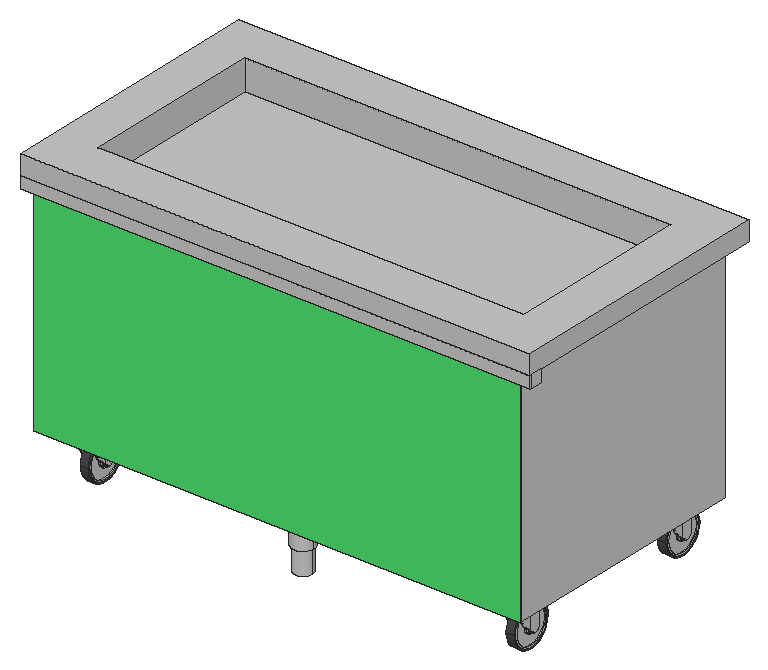
Revit family "QF_BOURGEAT_Self_meuble_cuve_froid_statique_avec_reserve_4GN", category Equipement spécialisé, Revit 2015
Parameters (values of type "reserve_cuve90_roues")
  profondeur_cuve = 90 mm
  presentoir = no
  porte_reserve = no
  URL catalogue = "http://www.bourgeat.fr"
  URL = ""
  Type de Raccord Electrique = ""
  Type article = ""
  Type Fluide Frigorigène = "R404a"
  Tension = 230 V
  Spécification du Fabricant = "meuble cuve froid statique OASIS"
  Roues = yes
  Remarques Electricité = ""
  Puissance électrique  = 800 W
  Puissance frigorifique = "396W"
  Profondeur hors tout = 820 mm
  Poids net à vide = 230.00 kg
  Pieds_centre = no
  Pieds = no
  Phase = 2
  Niveau Sonore = "60dBa"
  Nature isolant = "polyurethane"
  Modèle = "853294 + 854950"
  Longueur hors tout = 1534 mm
  Intensité nominale = 3.47826 A
  Indice de protection = "21"
  Hauteur hors tout = 900 mm
  Fréquence = 50 Hz
  Fabricant = "BOURGEAT"
  Contact SAV = "0033(0)4.76.32.14.44"
  Classe Climatique = "3"
  Charge_gaz = ""
  Charge max = 200.00 kg
Types (13, lengths in mm): name | profondeur_cuve | presentoir | Roues | Puissance électrique  | Poids net à vide | Pieds | Modèle | Intensité nominale | Hauteur hors tout
  (no name) | 90 | no | yes | 800 W | 230.00 kg | no | "853294 + 854950" | 3.47826 A | 900
  reserve_cuve30 | 30 | no | no | 800 W | 230.00 kg | yes | "853224" | 3.47826 A | 900
  reserve_cuve90 | 90 | no | no | 800 W | 230.00 kg | yes | "853294" | 3.47826 A | 900
  reserve_cuve30_presentoir_lampe_fluorecente | 30 | yes | no | 832 W | 250.00 kg | yes | "853224 + 853314" | 3.61739 A | 1330
  reserve_cuve30_presentoir_lampe_LED | 30 | yes | no | 832 W | 250.00 kg | yes | "853224 + 853324" | 3.61739 A | 1330
  reserve_cuve90_presentoir_lampe_fluorecente | 90 | yes | no | 832 W | 250.00 kg | yes | "853294 + 853314" | 3.61739 A | 1330
  reserve_cuve90_presentoir_lampe_LED | 90 | yes | no | 832 W | 250.00 kg | yes | "853294 + 853324" | 3.61739 A | 1330
  reserve_cuve30_roues | 30 | no | yes | 800 W | 230.00 kg | no | "853224 + 854950" | 3.47826 A | 900
  reserve_cuve90_roues | 90 | no | yes | 800 W | 230.00 kg | no | "853294 + 854950" | 3.47826 A | 900
  reserve_cuve30_presentoir_lampe_fluorecente_roues | 30 | yes | yes | 832 W | 250.00 kg | no | "853224 + 853314 + 854950" | 3.61739 A | 1330
  reserve_cuve30_presentoir_lampe_LED_roues | 30 | yes | yes | 832 W | 250.00 kg | no | "853224 + 853324 + 854950" | 3.61739 A | 1330
  reserve_cuve90_presentoir_lampe_fluorecente_roues | 90 | yes | no | 832 W | 250.00 kg | yes | "853294 + 853314 + 854950" | 3.61739 A | 1330
  reserve_cuve90_presentoir_lampe_LED_roues | 90 | yes | no | 832 W | 250.00 kg | yes | "853294 + 853324 + 854950" | 3.61739 A | 1330
Reference planes
  plane 1 "Centre (avant/arrière)": y = 0
  plane 2: z = 0
  plane 3 "Centre (gauche/droite)": x = 0
  plane 4: y = 812
  plane 5: y = 668.25
  plane 6: y = 97.194
  plane 7: z = 235
  plane 8: z = 515
  plane 9: y = 555
Forms (mm)
  Extrusion 1, solid
    sketch origin (-29.925, 3.363, 0) x (1, 0, 0) y (0, 1, 0)
      loop
        circle (-1142.575, 551.637) r 5
    from 154.552 to 160
  Extrusion 2, solid, material "Acier inoxydable, brossé"
    sketch origin (0, 0, 0) x (1, 0, 0) y (0, 1, 0)
      loop
        line (20.5, 760) -> (-715.5, 760) -> (-715.5, 80) -> (20.5, 80) -> (20.5, 760)
    from 160 to 250
Lines and regions (mm)
  symbolic lines, style "SpecialityEquipmentHiddenLines"
    curve 1: line (20.5, 818, 0) -> (20.5, 1554, 0)
    curve 2: arc (-715.5, 818, 0) -> (-499.931, 1338.431, 0) -> (20.5, 1554, 0) r 736
Dimensions and locks
  locked: plane 4 to nested 1 at 47
  locked: nested 1 to plane 6 at 97.194
  locked: nested 1 to plane 5 at 96.75
  nested 2 to nested 1 = 561 mm
  nested 1 to nested 2 = 237 mm
  plane 8 to nested 7 = 515 mm
  plane 7 to nested 7 = 235 mm
  nested 2 to plane 3 "Centre (gauche/droite)" = 257.5 mm
  locked: plane 2 to nested 11 at 727
  locked: nested 1 to nested 11 at 69.625
  locked: plane 4 to plane 9 at 257
  locked: nested 1 to nested 19 at 47.187
  locked: nested 19 to plane 2 at 223
  nested 10 to nested 1 = 736 mm
  aligned and locked: level to plane 2
  aligned and locked: nested 2 to nested 1  (x2)
  aligned and locked: plane 1 "Centre (avant/arrière)" to nested 1
  aligned and locked: plane 4 to nested 2
  aligned and locked: nested 2 to nested 3  (x2)
  aligned and locked: nested 1 to nested 6
  aligned and locked: nested 1 to nested 7
  aligned and locked: nested 1 to nested 5
  aligned and locked: nested 1 to nested 4
  aligned and locked: nested 6 to plane 2
  aligned and locked: nested 2 to nested 5
  aligned and locked: nested 2 to nested 4
  aligned and locked: nested 6 to plane 5
  aligned and locked: nested 7 to plane 6
  aligned and locked: nested 4 to plane 5
  aligned and locked: nested 5 to plane 6
  aligned and locked: nested 3 to nested 2
  aligned and locked: nested 6 to nested 2
  aligned and locked: nested 7 to nested 2
  aligned and locked: nested 9 to nested 1  (x2)
  aligned and locked: nested 8 to nested 1  (x2)
  aligned and locked: nested 9 to plane 8
  aligned and locked: nested 8 to plane 7
  aligned and locked: nested 10 to nested 1
  aligned and locked: nested 1 to nested 11
  aligned and locked: Extrusion 1 to nested 1
  aligned and locked: nested 6 to nested 15  (x2)
  aligned and locked: nested 4 to nested 12  (x2)
  aligned and locked: nested 5 to nested 13  (x2)
  aligned and locked: nested 7 to nested 14  (x2)
  aligned and locked: Extrusion 1 sketch curve to plane 9
  aligned and locked: nested 1 to Extrusion 1 sketch curve
  aligned and locked: nested 1 to nested 14
  aligned and locked: nested 1 to nested 15
  aligned and locked: nested 1 to nested 13
  aligned and locked: nested 1 to nested 12
  aligned and locked: Extrusion 2 sketch curve to nested 1  (x2)
  aligned and locked: nested 1 to Extrusion 2 sketch curve
  aligned and locked: Extrusion 2 sketch curve to nested 10
  aligned and locked: nested 17 to nested 16
  aligned and locked: nested 2 to nested 17
  aligned and locked: nested 17 to plane 6
  aligned and locked: nested 16 to plane 5
  aligned and locked: nested 19 to nested 1
  aligned and locked: nested 20 to nested 10  (x2)
  aligned and locked: nested 20 to nested 1
  aligned and locked: nested 18 to nested 1
Nested families
  nested 1: "corps_meuble" at (223.5, 0, 160), type "corps_meuble"
    with lg_ouverture_cuve 1266 mm, lg_meuble 1466 mm, Largeur_hors_tout 1534 mm
  nested 2: "cuve" at (-509.5, 402, 808), type "cuve_30"
    with lg_cuve 1534 mm
  nested 3: "presentoir" at (-509.5, 402, 551.997) x (0, 1, 0) z (0, 0, 1), visible <- "presentoir", type "presentoir"
    with lg_presentoir 1422 mm, lg_ht 1534 mm
  nested 4: "pied" at (130.5, 668.25, 0), visible <- "Pieds", type "pied"
  nested 5: "pied" at (130.5, 97.194, 0), visible <- "Pieds", type "pied"
  nested 6: "pied" at (-1149.5, 668.25, 0), visible <- "Pieds", type "pied"
  nested 7: "pied" at (-1149.5, 97.194, 0), visible <- "Pieds", type "pied"
  nested 8: "etagere" at (-347.5, 80, 197) x (-1, 0, 0) z (0, 0, 1), type "etagere"
    with lg_ht 1534 mm, lg_etagere 736 mm
  nested 9: "etagere" at (-347.5, 80, 477) x (-1, 0, 0) z (0, 0, 1), type "etagere"
    with lg_ht 1534 mm, lg_etagere 736 mm
  nested 10: "bandeau_h83_lg736" at (-347.5, 760, 757), type "bandeau_h83_lg736"
  nested 11: "IHM_horizontal" at (-1078.375, 765, 727) x (-1, 0, 0) z (0, 0, 1), type "IHM_horizontal"
  nested 12: "roue_ht160" at (130.5, 668.25, -0.21), visible <- "Roues", type "roue_ht160"
    with Sans frein yes, Avec frein yes
  nested 13: "roue_ht160" at (130.5, 97.194, -0.21), visible <- "Roues", type "roue_ht160"
    with Sans frein yes, Avec frein yes
  nested 14: "roue_ht160" at (-1149.5, 97.194, -0.21), visible <- "Roues", type "roue_ht160"
    with Sans frein yes, Avec frein yes
  nested 15: "roue_ht160" at (-1149.5, 668.25, -0.21), visible <- "Roues", type "roue_ht160"
    with Sans frein yes, Avec frein yes
  nested 16: "pied" at (-509.5, 668.25, 0), type "pied"
  nested 17: "pied" at (-509.5, 97.194, 0), type "pied"
  nested 18: "IHM_horizontal" at (-842.615, 765, 726.928) x (-1, 0, 0) z (0, 0, 1), type "IHM_horizontal"
  nested 19: "porte_groupe_froid" at (-975.313, 775, 53), type "lg767"
  nested 20: "porte_simple_lg736" at (-347.5, 818, 14), type "porte_simple_lg736"
Connectors
  electrical at (-1172.5, 555, 154.552), driven by "Tension"
    settings: on Extrusion 1, index 1, voltage 230 V, apparent load 0 VA, apparent load phase1 832 VA, apparent load phase2 0 VA, apparent load phase3 0 VA, power factor 1, load classification "Autre", number of poles 2, system type 30, power factor state 1, is connector primary yes, connector utility no, sub classification motor no, connector description ""
Definition of nested family "corps_meuble"
  Parameters (values of type "corps_meuble")
    lg_ouverture_cuve = lg_meuble - 200 mm  # 941 mm
    lg_meuble = Largeur_hors_tout - 68 mm  # 1141 mm
    Largeur_hors_tout = 1209 mm
  Reference planes
    plane 1 "Centre (avant/arrière)": y = 0
    plane 2: z = 0
    plane 3 "Centre (gauche/droite)": x = 0
    plane 4: z = 680
    plane 5: x = -570.5
    plane 6: x = 0
    plane 7: x = -1141
    plane 8: x = -1071
    plane 9: x = -70
    plane 10: x = -614
    plane 11: x = -203
    plane 12: y = 382.5
    plane 13: x = -1044
    plane 14: y = -1
  Forms (mm)
    Extrusion 1, solid
      sketch origin (0, -50.814, 0) x (1, 0, 0) y (0, 1, 0)
        loop
          line (-1141, 815.814) -> (-1141, 50.814) -> (0, 50.814) -> (0, 815.814) -> (-203, 815.814) -> (-203, 130.814) -> (-614, 130.814) -> (-614, 815.814) -> (-1141, 815.814)
      from 0 to 680
    Extrusion 2, void
      sketch origin (0, 0, 0) x (1, 0, 0) y (0, 1, 0)
        loop
          line (-1071, 739.99) -> (-1071, 39.99) -> (-70, 39.99) -> (-70, 739.99) -> (-1071, 739.99)
      from 588.119 to 680
    Extrusion 3, solid
      sketch origin (0, 0, 0) x (1, 0, 0) y (0, 0, 1)
        loop
          line (-1141, 680) -> (-1141, 0) -> (0, 0) -> (0, 680) -> (-1141, 680)
      from 0 to 1
  Cuts and joins
    Extrusion 2 cuts Extrusion 1
  Dimensions and locks
    locked: plane 4 to plane 2 at 680
    locked: plane 7 to plane 8 at 70
    "lg_meuble": plane 7 to plane 3 "Centre (gauche/droite)"
    equal spacing: plane 7, plane 5, plane 3 "Centre (gauche/droite)"
    locked: plane 7 to plane 10 at 527
    locked: plane 11 to plane 3 "Centre (gauche/droite)" at 203
    locked: plane 9 to plane 3 "Centre (gauche/droite)" at 70
    locked: plane 7 to plane 13 at 97
    aligned and locked: level to plane 2
    aligned and locked: Extrusion 1 sketch curve to Extrusion 1 sketch curve
    aligned and locked: plane 4 to Extrusion 1
    aligned and locked: plane 3 "Centre (gauche/droite)" to plane 6
    aligned and locked: plane 9 to Extrusion 2
    aligned and locked: plane 3 "Centre (gauche/droite)" to cut or joined group of Extrusion 1, Extrusion 2
    aligned and locked: cut or joined group of Extrusion 1, Extrusion 2 to plane 7
    aligned and locked: cut or joined group of Extrusion 1, Extrusion 2 to plane 8
    aligned and locked: plane 10 to cut or joined group of Extrusion 1, Extrusion 2
    aligned and locked: cut or joined group of Extrusion 1, Extrusion 2 to plane 11
    aligned and locked: Extrusion 3 sketch curve to cut or joined group of Extrusion 1, Extrusion 2  (x4)
    aligned and locked: Extrusion 3 to plane 14
  Automatic sketch dimensions
    Extrusion 1 sketch curve to plane 1 "Centre (avant/arrière)" = 0 mm
    Extrusion 1 sketch curve to Extrusion 1 sketch curve = 685 mm
    Extrusion 1 sketch curve to plane 3 "Centre (gauche/droite)" = 0 mm
    Extrusion 1 sketch curve to plane 5 = 43.5 mm
    Extrusion 1 sketch curve to plane 5 = 570.5 mm
    Extrusion 1 sketch curve to plane 1 "Centre (avant/arrière)" = 80 mm
    Extrusion 1 sketch curve to Extrusion 1 sketch curve = 765 mm
    Extrusion 1 sketch curve to plane 9 = 133 mm
    Extrusion 2 sketch curve to plane 8 = 0 mm
    Extrusion 2 sketch curve to plane 9 = 0 mm
    Extrusion 2 sketch curve to plane 1 "Centre (avant/arrière)" = 39.99 mm
    plane 12 to Extrusion 2 sketch curve = 357.49 mm
Definition of nested family "cuve"
  Parameters (values of type "cuve_30")
    profondeur_cuve = 90 mm
    lg_cuve = 1209 mm
  Reference planes
    plane 1 "Centre (avant/arrière)": y = 0
    plane 2: z = 0
    plane 3 "Centre (gauche/droite)": x = 0
    plane 4: y = 410
    plane 5: y = -410
    plane 6: x = -604.5
    plane 7: x = 604.5
    plane 8: z = 92
    plane 9: y = 277
    plane 10: y = -277
    plane 11: x = 477.5
    plane 12: x = -477.5
    plane 13: z = 2
    plane 14: y = -279
    plane 15: x = -479.5
    plane 16: y = 279
    plane 17: x = 479.5
    plane 18: z = 32
    plane 19: y = -408
    plane 20: z = 82
    plane 21: z = -4
  Forms (mm)
    Extrusion 1, solid
      sketch origin (12, -10, 0) x (1, 0, 0) y (0, 1, 0)
        loop
          line (-616.5, 420) -> (-616.5, -400) -> (592.5, -400) -> (592.5, 420) -> (-616.5, 420)
      from 0 to 92
    Extrusion 2, void
      sketch origin (0, 0, 0) x (1, 0, 0) y (0, 1, 0)
        loop
          line (-477.5, 277) -> (-477.5, -277) -> (477.5, -277) -> (477.5, 277) -> (-477.5, 277)
      from 2 to 250
    Extrusion 3, void
      sketch origin (0, 0, 0) x (1, 0, 0) y (0, 1, 0)
        loop
          line (-479.5, 279) -> (-479.5, -279) -> (479.5, -279) -> (479.5, 279) -> (-479.5, 279)
        loop
          line (-674.5, 480) -> (-674.5, -480) -> (674.5, -480) -> (674.5, 480) -> (-674.5, 480)
      from 0 to 32
    Extrusion 4, solid
      sketch origin (0, 0, 0) x (1, 0, 0) y (0, 1, 0)
        loop
          line (-604.5, -408) -> (-604.5, -410) -> (604.5, -410) -> (604.5, -408) -> (-604.5, -408)
      from -4 to 32
    Extrusion 5, solid
      sketch origin (0, 0, 0) x (0, 1, 0) y (0, 0, 1)
        loop
          line (-408, -4) -> (-370, -4) -> (-370, 32) -> (-408, 32) -> (-408, -4)
      from -604.5 to 604.5
  Cuts and joins
    Extrusion 2, Extrusion 3 cuts Extrusion 1
  Dimensions and locks
    equal spacing: plane 4, plane 1 "Centre (avant/arrière)", plane 5, locked at 410 each
    plane 4 to plane 5 = 820 mm
    equal spacing: plane 6, plane 3 "Centre (gauche/droite)", plane 7
    "lg_cuve": plane 6 to plane 7
    plane 8 to plane 2 = 92 mm
    locked: plane 5 to plane 10 at 133
    locked: plane 4 to plane 9 at 133
    locked: plane 11 to plane 7 at 127
    locked: plane 6 to plane 12 at 127
    locked: plane 16 to plane 9 at 2
    locked: plane 15 to plane 12 at 2
    locked: plane 14 to plane 10 at 2
    locked: plane 11 to plane 17 at 2
    locked: Extrusion 3 sketch curve to plane 6 at 70
    locked: Extrusion 3 sketch curve to plane 5 at 70
    locked: plane 7 to Extrusion 3 sketch curve at 70
    locked: Extrusion 3 sketch curve to plane 4 at 70
    locked: plane 8 to plane 18 at 60
    locked: plane 5 to plane 19 at 2
    locked: plane 21 to plane 18 at 36
    locked: cut or joined group of Extrusion 1, Extrusion 2, Extrusion 3 to cut or joined group of Extrusion 1, Extrusion 2, Extrusion 3 at 554
    "profondeur_cuve": plane 8 to plane 13
    aligned and locked: plane 2 to level
    aligned and locked: plane 6 to Extrusion 1 sketch curve
    aligned and locked: Extrusion 1 sketch curve to plane 7
    aligned and locked: plane 8 to Extrusion 1
    aligned and locked: plane 4 to Extrusion 1
    aligned and locked: plane 5 to Extrusion 1
    aligned and locked: Extrusion 2 sketch curve to plane 9
    aligned and locked: Extrusion 2 sketch curve to plane 12
    aligned and locked: Extrusion 2 sketch curve to plane 10
    aligned and locked: Extrusion 2 sketch curve to plane 11
    aligned and locked: cut or joined group of Extrusion 1, Extrusion 2, Extrusion 3 to plane 13
    aligned and locked: Extrusion 3 sketch curve to plane 16
    aligned and locked: Extrusion 3 sketch curve to plane 15
    aligned and locked: Extrusion 3 sketch curve to plane 14
    aligned and locked: Extrusion 3 sketch curve to plane 17
    aligned and locked: cut or joined group of Extrusion 1, Extrusion 2, Extrusion 3 to plane 18
    aligned and locked: Extrusion 4 sketch curve to plane 19
    aligned and locked: plane 6 to Extrusion 4 sketch curve
    aligned and locked: Extrusion 4 sketch curve to cut or joined group of Extrusion 1, Extrusion 2, Extrusion 3  (x2)
    aligned and locked: cut or joined group of Extrusion 1, Extrusion 2, Extrusion 3 to Extrusion 4
    aligned and locked: plane 18 to Extrusion 5 sketch curve
    aligned and locked: Extrusion 4 to Extrusion 5 sketch curve
    aligned and locked: cut or joined group of Extrusion 1, Extrusion 2, Extrusion 3 to Extrusion 5
    aligned and locked: Extrusion 5 to cut or joined group of Extrusion 1, Extrusion 2, Extrusion 3
    aligned and locked: plane 21 to Extrusion 5 sketch curve
    aligned and locked: Extrusion 4 to Extrusion 5
  Automatic sketch dimensions
    Extrusion 1 sketch curve to plane 5 = 0 mm
    plane 4 to Extrusion 1 sketch curve = 0 mm
    Extrusion 5 sketch curve to plane 5 = 2 mm
    Extrusion 5 sketch curve to Extrusion 5 sketch curve = 38 mm
Definition of nested family "presentoir"
  Parameters (values of type "presentoir")
    lg_presentoir = lg_ht - 112 mm  # 2072 mm
    lg_ht = 2184 mm
  Reference planes
    plane 1 "Centre (avant/arrière)": y = 0
    plane 2: z = 0
    plane 3 "Centre (gauche/droite)": x = 0
    plane 4: x = 0
    plane 5: y = 0
    plane 6: z = 348.003
    plane 7: z = 775.003
    plane 8: z = 353.003
    plane 9: z = 770.54
    plane 10: z = 727.003
    plane 11: y = 1036
    plane 12: y = -1036
    plane 13: y = 1036
    plane 14: y = -1036
  Forms (mm)
    Extrusion 1, solid
      sketch origin (0, 0, 0) x (1, 0, 0) y (0, 0, 1)
        loop
          line (-240.07, 650.474) -> (-234.874, 647.474) -> (-219.875, 673.453)
          arc (-219.875, 673.453) -> (-158.748, 734.58) -> (-75.248, 756.953) r 167
          line (-75.248, 756.953) -> (179.75, 756.953) -> (179.75, 762.953) -> (-75.248, 762.953)
          arc (-75.248, 762.953) -> (-161.33, 740.45) -> (-224.372, 677.664) r 170.59
          line (-224.372, 677.664) -> (-240.07, 650.474)
      from -991 to 991
    Extrusion 2, solid
      sketch origin (0, 0, 0) x (1, 0, 0) y (0, 1, 0)
        loop
          line (-25, 1036) -> (-30.461, 991) -> (30.461, 991) -> (25, 1036)
          arc (25, 1036) -> (0, 1011) -> (-25, 1036) r 25
        loop
          arc (-25, -1036) -> (0, -1011) -> (25, -1036) r 25
          line (25, -1036) -> (30.461, -991) -> (-30.461, -991) -> (-25, -1036)
      from 727.003 to 770.54
    Extrusion 3, solid
      sketch origin (0, 91, 0) x (1, 0, 0) y (0, 1, 0)
        loop
          circle (0, 945) r 21.2
        loop
          circle (0, -1127) r 21.2
      from 353.003 to 775.003
    Revolve 4, solid
      sketch origin (0, 0, 0) x (0, 1, 0) y (0, 0, 1)
        loop
          line (-1036, 353.003) -> (-1057.2, 353.003) -> (-1061, 349.203) -> (-1061, 348.003) -> (-1036, 348.003) -> (-1036, 353.003)
        axis (-1036, 353.003) -> (-1036, 348.003)
      angle from 0 to 360
    Revolve 5, solid
      sketch origin (0, 0, 0) x (0, -1, 0) y (0, 0, 1)
        loop
          line (-1036, 353.003) -> (-1057.2, 353.003) -> (-1061, 349.203) -> (-1061, 348.003) -> (-1036, 348.003) -> (-1036, 353.003)
        axis (-1036, 353.003) -> (-1036, 348.003)
      angle from 0 to 360
  Dimensions and locks
    equal spacing: plane 11, plane 1 "Centre (avant/arrière)", plane 12
    "lg_presentoir": plane 11 to plane 12
    locked: Extrusion 2 sketch curve to plane 14 at 45
    locked: plane 13 to Extrusion 2 sketch curve at 45
    aligned and locked: level to plane 2
    aligned and locked: plane 3 "Centre (gauche/droite)" to plane 4
    aligned and locked: Extrusion 3 to plane 7
    aligned and locked: Extrusion 3 to plane 8
    aligned and locked: Extrusion 2 to plane 9
    aligned and locked: Extrusion 2 to plane 10
    aligned and locked: plane 1 "Centre (avant/arrière)" to plane 5
    aligned and locked: plane 11 to Extrusion 3
    aligned and locked: plane 12 to Extrusion 3
    aligned and locked: plane 13 to plane 11
    aligned and locked: plane 14 to plane 12
    aligned and locked: Extrusion 1 to Extrusion 2  (x2)
  Automatic sketch dimensions
    Extrusion 1 sketch curve to plane 3 "Centre (gauche/droite)" = 240.07 mm
    plane 10 to Extrusion 1 sketch curve = 79.529 mm
    Extrusion 1 sketch curve to Extrusion 1 sketch curve = 5.196 mm
    plane 10 to Extrusion 1 sketch curve = 49.34 mm
    Extrusion 1 sketch curve to Extrusion 1 sketch curve = 15.698 mm
    plane 10 to Extrusion 1 sketch curve = 53.55 mm
    Extrusion 1 sketch curve to plane 3 "Centre (gauche/droite)" = 76.636 mm
    Extrusion 1 sketch curve to Extrusion 1 sketch curve = 1.388 mm
    Extrusion 1 sketch curve to Extrusion 1 sketch curve = 0 mm
    plane 9 to Extrusion 1 sketch curve = 13.587 mm
    plane 3 "Centre (gauche/droite)" to Extrusion 1 sketch curve = 179.75 mm
    Extrusion 1 sketch curve to Extrusion 1 sketch curve = 2.415 mm
    Extrusion 2 sketch curve to plane 14 = 0 mm
    plane 11 to Extrusion 2 sketch curve = 0 mm
    Extrusion 2 sketch curve to plane 3 "Centre (gauche/droite)" = 0 mm  (x2)
    Extrusion 2 sketch curve to Extrusion 2 sketch curve = 25 mm  (x2)
    Extrusion 2 sketch curve to plane 3 "Centre (gauche/droite)" = 30.461 mm  (x2)
    plane 3 "Centre (gauche/droite)" to Extrusion 2 sketch curve = 30.461 mm  (x2)
    Extrusion 3 sketch curve to plane 3 "Centre (gauche/droite)" = 0 mm  (x2)
    Extrusion 3 sketch curve to plane 12 = 0 mm
    plane 11 to Extrusion 3 sketch curve = 0 mm
    Revolve 4 sketch curve to plane 6 = 0 mm
    Revolve 4 sketch curve to plane 8 = 0 mm
    Revolve 4 sketch curve to plane 12 = 0 mm  (x2)
    Revolve 4 sketch curve to Revolve 4 sketch curve = 21.2 mm
    Revolve 4 sketch curve to Revolve 4 sketch curve = 3.8 mm
    Revolve 4 sketch curve to Revolve 4 sketch curve = 1.2 mm
    Revolve 4 sketch curve to plane 6 = 14.256 mm
    plane 8 to Revolve 4 sketch curve = 30.744 mm
    Revolve 5 sketch curve to plane 6 = 0 mm
    plane 8 to Revolve 5 sketch curve = 0 mm
    Revolve 5 sketch curve to plane 11 = 0 mm  (x2)
    Revolve 5 sketch curve to plane 11 = 21.2 mm
    Revolve 5 sketch curve to Revolve 5 sketch curve = 3.8 mm
    Revolve 5 sketch curve to Revolve 5 sketch curve = 1.2 mm
    plane 6 to Revolve 5 sketch curve = 14.256 mm
    Revolve 5 sketch curve to Revolve 5 sketch curve = 30.744 mm
    radius of Extrusion 3 sketch curve = 21.2 mm  (x2)
Definition of nested family "pied"
  Reference planes
    plane 1 "Centre (avant/arrière)": y = 0
    plane 2: z = 0
    plane 3 "Centre (gauche/droite)": x = 0
  Forms (mm)
    Revolve 1, solid
      sketch origin (0, 0, 0) x (1, 0, 0) y (0, 0, 1)
        loop
          line (0, 160) -> (-33, 160) -> (-33, 70) -> (-28, 70) -> (-28, 0) -> (0, 0) -> (0, 160)
        axis (0, 160) -> (0, 0)
      angle from 0 to 360
  Dimensions and locks
    plane 3 "Centre (gauche/droite)" to Revolve 1 sketch curve = 28 mm
    Revolve 1 sketch curve to plane 3 "Centre (gauche/droite)" = 33 mm
    Revolve 1 sketch curve to plane 2 = 70 mm
    Revolve 1 sketch curve to Revolve 1 sketch curve = 90 mm
    aligned and locked: level to plane 2
Definition of nested family "etagere"
  Parameters (values of type "etagere")
    lg_ht = 2184 mm
    lg_etagere = lg_ht - (561 mm + 237 mm)  # 1386 mm
  Reference planes
    plane 1 "Centre (avant/arrière)": y = 0
    plane 2: z = 0
    plane 3 "Centre (gauche/droite)": x = 0
    plane 4: y = -625
    plane 5: y = -623
    plane 6: y = -2
    plane 7: x = 0
  Forms (mm)
    Extrusion 1, solid
      sketch origin (0, 0, 0) x (0, 1, 0) y (0, 0, 1)
        loop
          line (0, 119.481) -> (-2, 119.481) -> (-2, 40) -> (-625, 40) -> (-625, 0) -> (-623, 0) -> (-623, 38) -> (0, 38) -> (0, 119.481)
      from -693 to 693
  Dimensions and locks
    locked: plane 6 to plane 1 "Centre (avant/arrière)" at 2
    locked: plane 4 to plane 5 at 2
    plane 4 to plane 1 "Centre (avant/arrière)" = 625 mm
    equal spacing: Extrusion 1, plane 7, Extrusion 1
    "lg_etagere": Extrusion 1 to Extrusion 1
    aligned and locked: level to plane 2
    aligned and locked: plane 2 to Extrusion 1 sketch curve
    aligned and locked: plane 1 "Centre (avant/arrière)" to Extrusion 1 sketch curve
    aligned and locked: plane 4 to Extrusion 1
    aligned and locked: plane 5 to Extrusion 1
    aligned and locked: Extrusion 1 to plane 6
    aligned and locked: plane 3 "Centre (gauche/droite)" to plane 7
  Automatic sketch dimensions
    Extrusion 1 sketch curve to plane 4 = 0 mm
    Extrusion 1 sketch curve to plane 5 = 0 mm
    Extrusion 1 sketch curve to plane 6 = 0 mm
    level to Extrusion 1 sketch curve = 38 mm
    Extrusion 1 sketch curve to Extrusion 1 sketch curve = 2 mm
    Extrusion 1 sketch curve to Extrusion 1 sketch curve = 79.481 mm
Definition of nested family "bandeau_h83_lg736"
  Parameters (values of type "bandeau_h83_lg736")
    lg_ht = 1534 mm
    lg_bandeau = 736 mm
  Reference planes
    plane 1 "Centre (avant/arrière)": y = 0
    plane 2: z = 0
    plane 3 "Centre (gauche/droite)": x = 0
    plane 4: x = -368
    plane 5: x = 368
    plane 6: y = 5
    plane 7: z = 83
  Forms (mm)
    Extrusion 1, solid
      sketch origin (476, 10, 0) x (1, 0, 0) y (0, 1, 0)
        loop
          line (-844, -10) -> (-108, -10) -> (-108, -5) -> (-844, -5) -> (-844, -10)
      from 0 to 83
  Dimensions and locks
    plane 7 to plane 2 = 83 mm
    locked: plane 1 "Centre (avant/arrière)" to plane 6 at 5
    "lg_bandeau": plane 4 to plane 5
    equal spacing: plane 4, plane 3 "Centre (gauche/droite)", plane 5
    aligned and locked: level to plane 2
    aligned and locked: Extrusion 1 to plane 4
    aligned and locked: plane 5 to Extrusion 1
    aligned and locked: Extrusion 1 to plane 6
    aligned and locked: plane 7 to Extrusion 1
    aligned and locked: plane 1 "Centre (avant/arrière)" to Extrusion 1
  Automatic sketch dimensions
    Extrusion 1 sketch curve to plane 4 = 0 mm
    Extrusion 1 sketch curve to plane 5 = 0 mm
    plane 1 "Centre (avant/arrière)" to Extrusion 1 sketch curve = 0 mm
    Extrusion 1 sketch curve to plane 6 = 0 mm
Definition of nested family "IHM_horizontal"
  Reference planes
    plane 1 "Centre (avant/arrière)": y = 0
    plane 2: z = 0
    plane 3 "Centre (gauche/droite)": x = 0
    plane 4: y = -10
    plane 5: y = -13
  Forms (mm)
    Extrusion 1, solid
      sketch origin (-374.736, 0, -402) x (1, 0, 0) y (0, 0, 1)
        loop
          line (280.236, 402) -> (469.236, 402) -> (469.236, 440) -> (280.236, 440) -> (280.236, 402)
      from 0 to 10
    Extrusion 2, solid
      sketch origin (0, 0, 0) x (1, 0, 0) y (0, 0, 1)
        loop
          line (-89.496, 32.01) -> (-89.496, 7.01) -> (90.504, 7.01) -> (90.504, 32.01) -> (-89.496, 32.01)
      from 10 to 13
  Dimensions and locks
    plane 4 to plane 1 "Centre (avant/arrière)" = 10 mm
    aligned and locked: level to plane 2
    aligned and locked: Extrusion 1 to plane 4
    aligned and locked: Extrusion 2 to plane 5
    aligned and locked: plane 4 to Extrusion 2
Definition of nested family "roue_ht160"
  Parameters (values of type "roue_ht160")
    Sans frein [instance] = yes
    Avec frein [instance] = yes
  Reference planes
    plane 1 "Centre (avant/arrière)": y = 0
    plane 2: z = 0
    plane 3 "Centre (gauche/droite)": x = 0
    plane 4: y = 40.851
    plane 5: z = 62.5
  Forms (mm)
    Extrusion 1, solid
      sketch origin (0, 0, 0) x (0, 1, 0) y (0, 0, 1)
        loop
          circle (40.851, 62.5) r 62.5
        loop
          circle (40.851, 62.5) r 57.5
      from -12.5 to 12.5
    Revolve 2, solid
      sketch origin (0, 0, 0) x (0, 1, 0) y (0, 0, 1)
        loop
          line (0, 160.21) -> (-20.149, 160.21) -> (-20.149, 159.41) -> (-21.6, 159.41)
          arc (-21.6, 159.41) -> (-24.448, 158.65) -> (-26.537, 156.572) r 5.712
          line (-26.537, 156.572) -> (-30.146, 147.743) -> (-26.999, 147.062) -> (-26.999, 146.112)
          arc (-26.999, 146.112) -> (-27.23, 145.314) -> (-27.849, 144.761) r 1.5
          arc (-27.849, 144.761) -> (-29.223, 143.633) -> (-29.923, 142) r 3.75
          line (-29.923, 142) -> (0, 142) -> (0, 160.21)
        axis (0, 160.21) -> (0, 142)
      angle from 0 to 360
    Extrusion 3, solid
      sketch origin (0, 0, 0) x (0, 1, 0) y (0, 0, -1)
        loop
          line (-29.974, -138.241) -> (-29.974, -142) -> (21.747, -142) -> (21.747, -60.336)
          arc (21.747, -60.336) -> (10.272, -70.702) -> (-0.149, -82.127) r 160.057
          arc (-0.149, -82.127) -> (-17.883, -108.684) -> (-29.974, -138.241) r 159.585
      from -24.913 to -23.038
    Extrusion 4, solid
      sketch origin (0, 0, 0) x (0, 1, 0) y (0, 0, 1)
        loop
          line (-29.974, 142) -> (-29.974, 140.869) -> (21.747, 140.869) -> (21.747, 142) -> (-29.974, 142)
      from -23.038 to 23.038
    Extrusion 5, solid
      sketch origin (0, 0, 0) x (0, 1, 0) y (0, 0, 1)
        loop
          circle (40.851, 62.5) r 57.5
        loop
          circle (40.851, 62.5) r 55
      from -12.5 to 12.5
    Extrusion 6, solid
      sketch origin (0, 0, 0) x (0, 1, 0) y (0, 0, 1)
        loop
          circle (40.851, 62.5) r 55
      from -7 to 7
    Extrusion 7, solid
      sketch origin (0, 0, 0) x (0, 1, 0) y (0, 0, 1)
        loop
          circle (40.851, 62.5) r 21
      from 7 to 15
    Extrusion 8, solid
      sketch origin (0, 0, 0) x (0, 1, 0) y (0, 0, -1)
        loop
          circle (40.851, -62.5) r 16
      from -23.038 to -15
    Extrusion 9, solid, visible <- "Sans frein"
      sketch origin (0, 0, 0) x (0, 1, 0) y (0, 0, 1)
        loop
          arc (21.747, 60.336) -> (23.188, 59.17) -> (24.642, 58.02) r 161.23
          arc (24.642, 58.02) -> (29.34, 54.513) -> (34.187, 51.216) r 133.333
          arc (34.187, 51.216) -> (46.517, 50.3) -> (53.927, 60.198) r 12.867
          arc (53.927, 60.198) -> (54.714, 99.183) -> (46.119, 137.216) r 161.222
          arc (46.119, 137.216) -> (45.679, 138.887) -> (45.531, 140.609) r 10.076
          line (45.531, 140.609) -> (45.531, 142) -> (21.747, 142) -> (21.747, 60.336)
      from 23.038 to 24.913
    Extrusion 10, solid, visible <- "Sans frein"
      sketch origin (0, 0, 0) x (0, 1, 0) y (0, 0, 1)
        loop
          line (21.747, 142) -> (21.747, 140.701) -> (48.851, 140.701) -> (48.851, 142) -> (21.747, 142)
      from -23.038 to 23.038
    Extrusion 11, solid, visible <- "Avec frein"
      sketch origin (0, 0, 0) x (0, 1, 0) y (0, 0, 1)
        loop
          line (21.747, 142) -> (21.747, 60.336)
          arc (21.747, 60.336) -> (23.177, 59.179) -> (24.62, 58.038) r 160.008
          arc (24.62, 58.038) -> (29.041, 54.705) -> (33.574, 51.527) r 160
          arc (33.574, 51.527) -> (46.135, 50.422) -> (53.724, 60.491) r 13
          arc (53.724, 60.491) -> (55.279, 82.092) -> (53.902, 103.704) r 160
          arc (53.902, 103.704) -> (55.53, 108.653) -> (60.415, 110.463) r 6
          arc (60.415, 110.463) -> (80.625, 109.924) -> (100.725, 112.107) r 150
          arc (100.725, 112.107) -> (104.408, 113.406) -> (107.479, 115.819) r 12
          line (107.479, 115.819) -> (110.851, 121.523)
          arc (110.851, 121.523) -> (85.913, 134.651) -> (58.706, 142) r 127.902
          line (58.706, 142) -> (21.747, 142)
      from 23.038 to 24.913
    Extrusion 12, solid, visible <- "Avec frein"
      sketch origin (0, 0, 0) x (0, 1, 0) y (0, 0, 1)
        loop
          line (58.706, 142) -> (21.747, 142) -> (21.747, 140) -> (58.552, 140)
          arc (58.552, 140) -> (85.253, 132.762) -> (109.73, 119.866) r 125.902
          line (109.73, 119.866) -> (110.851, 121.523)
          arc (110.851, 121.523) -> (85.913, 134.651) -> (58.706, 142) r 127.902
      from -23.038 to 23.038
    Extrusion 13, solid, visible <- "Avec frein"
      sketch origin (0, 19.896, 18.175) x (0, 1, 0) y (0, 0, 1)
        loop
          line (87.583, 97.644) -> (91.829, 95.227)
          arc (91.829, 95.227) -> (93.8, 95.006) -> (95.312, 96.29) r 2.5
          arc (95.312, 96.29) -> (103.495, 100.002) -> (111.176, 104.666) r 74.999
          line (111.176, 104.666) -> (110.852, 105.929)
          arc (110.852, 105.929) -> (110.04, 107.086) -> (108.666, 107.417) r 2
          arc (108.666, 107.417) -> (101.396, 105.849) -> (94.512, 103.034) r 42.354
          line (94.512, 103.034) -> (93.479, 101.228) -> (93.285, 100.414) -> (91.69, 101.675) -> (90.401, 102.412) -> (87.583, 97.644)
      from -23.038 to 23.038
    Extrusion 14, solid, not visible
      sketch origin (0, 0, 0) x (0, 1, 0) y (0, 0, -1)
        loop
          line (-29.974, -138.241) -> (-29.974, -142) -> (21.747, -142) -> (21.747, -60.336)
          arc (21.747, -60.336) -> (10.272, -70.702) -> (-0.149, -82.127) r 160.057
          arc (-0.149, -82.127) -> (-17.883, -108.684) -> (-29.974, -138.241) r 159.585
      from -24.913 to -23.038
    Extrusion 15, solid, not visible
      sketch origin (0, 0, 0) x (0, 1, 0) y (0, 0, 1)
        loop
          circle (40.851, 62.5) r 21
      from 7 to 15
    Extrusion 16, solid, not visible
      sketch origin (0, 0, 0) x (0, 1, 0) y (0, 0, -1)
        loop
          circle (40.851, -62.5) r 16
      from -23.038 to -15
    Extrusion 17, solid, visible <- "Sans frein", not visible
      sketch origin (0, 0, 0) x (0, 1, 0) y (0, 0, 1)
        loop
          arc (21.747, 60.336) -> (23.188, 59.17) -> (24.642, 58.02) r 161.23
          arc (24.642, 58.02) -> (29.34, 54.513) -> (34.187, 51.216) r 133.333
          arc (34.187, 51.216) -> (46.517, 50.3) -> (53.927, 60.198) r 12.867
          arc (53.927, 60.198) -> (54.714, 99.183) -> (46.119, 137.216) r 161.222
          arc (46.119, 137.216) -> (45.679, 138.887) -> (45.531, 140.609) r 10.076
          line (45.531, 140.609) -> (45.531, 142) -> (21.747, 142) -> (21.747, 60.336)
      from 23.038 to 24.913
    Extrusion 18, solid, visible <- "Avec frein", not visible
      sketch origin (0, 0, 0) x (0, 1, 0) y (0, 0, 1)
        loop
          line (21.747, 142) -> (21.747, 60.336)
          arc (21.747, 60.336) -> (23.177, 59.179) -> (24.62, 58.038) r 160.008
          arc (24.62, 58.038) -> (29.041, 54.705) -> (33.574, 51.527) r 160
          arc (33.574, 51.527) -> (46.135, 50.422) -> (53.724, 60.491) r 13
          arc (53.724, 60.491) -> (55.279, 82.092) -> (53.902, 103.704) r 160
          arc (53.902, 103.704) -> (55.53, 108.653) -> (60.415, 110.463) r 6
          arc (60.415, 110.463) -> (80.625, 109.924) -> (100.725, 112.107) r 150
          arc (100.725, 112.107) -> (104.408, 113.406) -> (107.479, 115.819) r 12
          line (107.479, 115.819) -> (110.851, 121.523)
          arc (110.851, 121.523) -> (85.913, 134.651) -> (58.706, 142) r 127.902
          line (58.706, 142) -> (21.747, 142)
      from 23.038 to 24.913
    Extrusion 19, solid
      sketch origin (0, 0, 0) x (0, -1, 0) y (0, 0, -1)
        loop
          arc (29.974, -138.241) -> (17.883, -108.684) -> (0.149, -82.127) r 159.585
          arc (0.149, -82.127) -> (-10.272, -70.702) -> (-21.747, -60.336) r 160.057
          line (-21.747, -60.336) -> (-21.747, -142) -> (29.974, -142) -> (29.974, -138.241)
      from -24.913 to -23.038
    Extrusion 20, solid
      sketch origin (0, 0, 0) x (0, -1, 0) y (0, 0, 1)
        loop
          circle (-40.851, 62.5) r 21
      from 7 to 15
    Extrusion 21, solid
      sketch origin (0, 0, 0) x (0, -1, 0) y (0, 0, -1)
        loop
          circle (-40.851, -62.5) r 16
      from -23.038 to -15
    Extrusion 22, solid, visible <- "Sans frein"
      sketch origin (0, 0, 0) x (0, -1, 0) y (0, 0, 1)
        loop
          line (-21.747, 60.336) -> (-21.747, 142) -> (-45.531, 142) -> (-45.531, 140.609)
          arc (-45.531, 140.609) -> (-45.679, 138.887) -> (-46.119, 137.216) r 10.076
          arc (-46.119, 137.216) -> (-54.714, 99.183) -> (-53.927, 60.198) r 161.222
          arc (-53.927, 60.198) -> (-46.517, 50.3) -> (-34.187, 51.216) r 12.867
          arc (-34.187, 51.216) -> (-29.34, 54.513) -> (-24.642, 58.02) r 133.333
          arc (-24.642, 58.02) -> (-23.188, 59.17) -> (-21.747, 60.336) r 161.23
      from 23.038 to 24.913
    Extrusion 23, solid, visible <- "Avec frein"
      sketch origin (0, 0, 0) x (0, -1, 0) y (0, 0, 1)
        loop
          line (-21.747, 142) -> (-58.706, 142)
          arc (-58.706, 142) -> (-85.913, 134.651) -> (-110.851, 121.523) r 127.902
          line (-110.851, 121.523) -> (-107.479, 115.819)
          arc (-107.479, 115.819) -> (-104.408, 113.406) -> (-100.725, 112.107) r 12
          arc (-100.725, 112.107) -> (-80.625, 109.924) -> (-60.415, 110.463) r 150
          arc (-60.415, 110.463) -> (-55.53, 108.653) -> (-53.902, 103.704) r 6
          arc (-53.902, 103.704) -> (-55.279, 82.092) -> (-53.724, 60.491) r 160
          arc (-53.724, 60.491) -> (-46.135, 50.422) -> (-33.574, 51.527) r 13
          arc (-33.574, 51.527) -> (-29.041, 54.705) -> (-24.62, 58.038) r 160
          arc (-24.62, 58.038) -> (-23.177, 59.179) -> (-21.747, 60.336) r 160.008
          line (-21.747, 60.336) -> (-21.747, 142)
      from 23.038 to 24.913
  Dimensions and locks
    aligned and locked: level to plane 2
Definition of nested family "porte_groupe_froid"
  Parameters (values of type "lg767")
    lg_porte_groupe_froid = 440 mm
  Types (3, lengths in mm): name | lg_porte_groupe_froid
    lg569 | 569
    lg790 | 790
    lg767 | 440
  Reference planes
    plane 1 "Centre (avant/arrière)": y = 0
    plane 2: z = 0
    plane 3 "Centre (gauche/droite)": x = 0
    plane 4: z = 170
    plane 5: z = 644
    plane 6: x = 220
    plane 7: x = -220
    plane 8: y = -10
    plane 9: z = 231.5
    plane 10: z = 253
    plane 11: y = -20
    plane 12: x = -185
    plane 13: x = 185
    plane 14: z = 269.5
    plane 15: z = 291
    plane 16: z = 307.5
    plane 17: z = 329
    plane 18: z = 345.5
    plane 19: z = 367
    plane 20: z = 383.5
    plane 21: z = 405
    plane 22: z = 421.5
    plane 23: z = 443
    plane 24: z = 459.5
    plane 25: z = 481
    plane 26: z = 497.5
    plane 27: z = 519
    plane 28: z = 535.5
    plane 29: z = 557
    plane 30: z = 573.5
    plane 31: z = 595
    plane 32: z = 611.5
    plane 33: z = 633
  Forms (mm)
    Extrusion 1, solid
      sketch origin (0, 0, 0) x (1, 0, 0) y (0, 0, 1)
        loop
          line (-220, 644) -> (-220, 170) -> (220, 170) -> (220, 644) -> (-220, 644)
      from 0 to 10
    Extrusion 2, void
      sketch origin (0, 0, 0) x (1, 0, 0) y (0, 0, 1)
        loop
          line (-185, 231.5) -> (185, 231.5) -> (185, 253) -> (-185, 253) -> (-185, 231.5)
      from 0 to 250
    Extrusion 3, void
      sketch origin (0, 0, 38) x (1, 0, 0) y (0, 0, 1)
        loop
          line (-185, 231.5) -> (185, 231.5) -> (185, 253) -> (-185, 253) -> (-185, 231.5)
      from 0 to 250
    Extrusion 4, void
      sketch origin (0, 0, 76) x (1, 0, 0) y (0, 0, 1)
        loop
          line (-185, 231.5) -> (185, 231.5) -> (185, 253) -> (-185, 253) -> (-185, 231.5)
      from 0 to 250
    Extrusion 5, void
      sketch origin (0, 0, 114) x (1, 0, 0) y (0, 0, 1)
        loop
          line (-185, 231.5) -> (185, 231.5) -> (185, 253) -> (-185, 253) -> (-185, 231.5)
      from 0 to 250
    Extrusion 6, void
      sketch origin (0, 0, 152) x (1, 0, 0) y (0, 0, 1)
        loop
          line (-185, 231.5) -> (185, 231.5) -> (185, 253) -> (-185, 253) -> (-185, 231.5)
      from 0 to 250
    Extrusion 7, void
      sketch origin (0, 0, 190) x (1, 0, 0) y (0, 0, 1)
        loop
          line (-185, 231.5) -> (185, 231.5) -> (185, 253) -> (-185, 253) -> (-185, 231.5)
      from 0 to 250
    Extrusion 8, void
      sketch origin (0, 0, 228) x (1, 0, 0) y (0, 0, 1)
        loop
          line (-185, 231.5) -> (185, 231.5) -> (185, 253) -> (-185, 253) -> (-185, 231.5)
      from 0 to 250
    Extrusion 9, void
      sketch origin (0, 0, 266) x (1, 0, 0) y (0, 0, 1)
        loop
          line (-185, 231.5) -> (185, 231.5) -> (185, 253) -> (-185, 253) -> (-185, 231.5)
      from 0 to 250
    Extrusion 10, void
      sketch origin (0, 0, 304) x (1, 0, 0) y (0, 0, 1)
        loop
          line (-185, 231.5) -> (185, 231.5) -> (185, 253) -> (-185, 253) -> (-185, 231.5)
      from 0 to 250
    Extrusion 11, void
      sketch origin (0, 0, 342) x (1, 0, 0) y (0, 0, 1)
        loop
          line (-185, 231.5) -> (185, 231.5) -> (185, 253) -> (-185, 253) -> (-185, 231.5)
      from 0 to 250
    Extrusion 12, void
      sketch origin (0, 0, 380) x (1, 0, 0) y (0, 0, 1)
        loop
          line (-185, 231.5) -> (185, 231.5) -> (185, 253) -> (-185, 253) -> (-185, 231.5)
      from 0 to 250
  Cuts and joins
    Extrusion 2, Extrusion 3, Extrusion 4, Extrusion 5, Extrusion 6, Extrusion 7, Extrusion 8, Extrusion 9, Extrusion 10, Extrusion 11, Extrusion 12 cuts Extrusion 1
  Dimensions and locks
    plane 4 to plane 2 = 170 mm
    locked: plane 5 to plane 4 at 474
    "lg_porte_groupe_froid": plane 7 to plane 6
    plane 8 to plane 1 "Centre (avant/arrière)" = 10 mm
    plane 9 to plane 4 = 61.5 mm
    plane 8 to plane 11 = 10 mm
    equal spacing: plane 7, plane 3 "Centre (gauche/droite)", plane 6
    locked: plane 6 to plane 13 at 35
    locked: plane 12 to plane 7 at 35
    aligned and locked: level to plane 2
    aligned and locked: Extrusion 1 sketch curve to plane 5
    aligned and locked: Extrusion 1 sketch curve to plane 7
    aligned and locked: plane 4 to Extrusion 1 sketch curve
    aligned and locked: Extrusion 1 sketch curve to plane 6
    aligned and locked: Extrusion 1 to plane 8
    aligned and locked: Extrusion 2 sketch curve to plane 9
    aligned and locked: plane 10 to Extrusion 2 sketch curve
    aligned and locked: plane 13 to cut or joined group 1 (Extrusion 1, Extrusion 2, Extrusion 3, Extrusion 4, Extrusion 5, Extrusion 6, Extrusion 7, Extrusion 8, Extrusion 9, Extrusion 10, Extrusion 11, Extrusion 12)  (x11)
    aligned and locked: cut or joined group 1 to plane 13  (x3)
    aligned and locked: cut or joined group 1 to plane 12  (x5)
    aligned and locked: Extrusion 3 sketch curve to plane 14
    aligned and locked: plane 15 to Extrusion 3 sketch curve
    aligned and locked: Extrusion 4 sketch curve to plane 16
    aligned and locked: plane 17 to Extrusion 4 sketch curve
    aligned and locked: Extrusion 5 sketch curve to plane 18
    aligned and locked: plane 19 to Extrusion 5 sketch curve
    aligned and locked: Extrusion 6 sketch curve to plane 20
    aligned and locked: plane 21 to Extrusion 6 sketch curve
    aligned and locked: Extrusion 7 sketch curve to plane 22
    aligned and locked: plane 23 to Extrusion 7 sketch curve
    aligned and locked: Extrusion 8 sketch curve to plane 24
    aligned and locked: plane 25 to Extrusion 8 sketch curve
    aligned and locked: Extrusion 9 sketch curve to plane 26
    aligned and locked: plane 27 to Extrusion 9 sketch curve
    aligned and locked: Extrusion 10 sketch curve to plane 28
    aligned and locked: plane 29 to Extrusion 10 sketch curve
    aligned and locked: Extrusion 11 sketch curve to plane 30
    aligned and locked: plane 31 to Extrusion 11 sketch curve
    aligned and locked: Extrusion 12 sketch curve to plane 32
    aligned and locked: plane 33 to Extrusion 12 sketch curve
    aligned and locked: plane 12 to cut or joined group 1
  Automatic sketch dimensions
    Extrusion 2 sketch curve to Extrusion 2 sketch curve = 370 mm
    Extrusion 3 sketch curve to Extrusion 3 sketch curve = 370 mm
    Extrusion 4 sketch curve to Extrusion 4 sketch curve = 370 mm
    Extrusion 5 sketch curve to Extrusion 5 sketch curve = 370 mm
    Extrusion 6 sketch curve to Extrusion 6 sketch curve = 370 mm
    Extrusion 7 sketch curve to Extrusion 7 sketch curve = 370 mm
    Extrusion 8 sketch curve to Extrusion 8 sketch curve = 370 mm
    Extrusion 7 sketch curve to plane 12 = 0 mm
    Extrusion 6 sketch curve to plane 12 = 0 mm
    Extrusion 5 sketch curve to plane 12 = 0 mm
    Extrusion 4 sketch curve to plane 12 = 0 mm
    Extrusion 3 sketch curve to plane 12 = 0 mm
    Extrusion 2 sketch curve to plane 12 = 0 mm
    Extrusion 9 sketch curve to Extrusion 9 sketch curve = 370 mm
    Extrusion 10 sketch curve to Extrusion 10 sketch curve = 370 mm
    Extrusion 11 sketch curve to Extrusion 11 sketch curve = 370 mm
    Extrusion 12 sketch curve to Extrusion 12 sketch curve = 370 mm
    Extrusion 12 sketch curve to plane 12 = 0 mm
    Extrusion 11 sketch curve to plane 12 = 0 mm
    Extrusion 10 sketch curve to plane 12 = 0 mm
    Extrusion 9 sketch curve to plane 12 = 0 mm
    Extrusion 8 sketch curve to plane 12 = 0 mm
Definition of nested family "porte_simple_lg736"
  Reference planes
    plane 1 "Centre (avant/arrière)": y = 0
    plane 2: z = 0
    plane 3 "Centre (gauche/droite)": x = 0
    plane 4: x = -368
    plane 5: z = 189
    plane 6: z = 743
    plane 7: y = -53
    plane 8: x = 368
  Forms (mm)
    Extrusion 1, solid
      sketch origin (130, 0, 0) x (1, 0, 0) y (0, 1, 0)
        loop
          line (-498, 0) -> (-498, -53) -> (238, -53) -> (238, 0) -> (-498, 0)
      from 189 to 743
  Dimensions and locks
    locked: plane 5 to plane 2 at 189
    locked: plane 6 to plane 5 at 554
    locked: plane 4 to plane 8 at 736
    plane 4 to plane 3 "Centre (gauche/droite)" to plane 8 = 368 mm, 368 mm
    aligned and locked: level to plane 2
    aligned and locked: plane 6 to Extrusion 1
    aligned and locked: Extrusion 1 to plane 5
    aligned and locked: plane 8 to Extrusion 1
    aligned and locked: plane 4 to Extrusion 1
